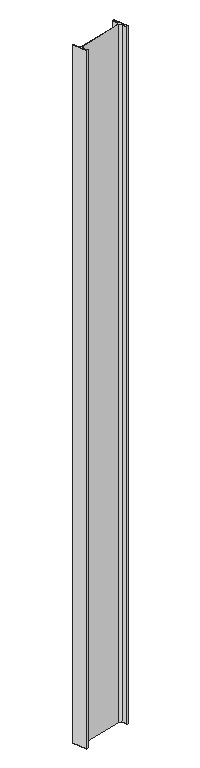
Revit family
Parameters (values of type "M200X9.7")
  Column Material [instance] = Metal - Steel - 345 MPa
  Assembly Code = ""
  A = 0.00124 m²
  W = 0.095
  bf = 57.9 mm
  d = 203 mm
  k = 14 mm
  kr = k - tf  # 9 mm
  tf = 5 mm
  tw = 3.4 mm
Types (2, lengths in mm): name | A | W | bf | d | tw
  M310X16.1 | 0.00205 m² | 0.158 | 77.9 | 304 | 4.1
  M200X9.7 | 0.00124 m² | 0.095 | 57.9 | 203 | 3.4
Reference planes
  plane 1: y = 0
  plane 2: z = 0
  plane 3: x = 0
  plane 4: x = -28.95
  plane 5: x = 28.95
  plane 6: y = 101.5
  plane 7: y = -101.5
  plane 8: x = -3.969
  plane 9: x = 3.969
Forms (mm)
  Extrusion 1, solid, material "Metal - Steel - 345 MPa" <- "Column Material", detail levels medium
    sketch origin (0, 0, 0) x (1, 0, 0) y (0, 1, 0)
      loop
        line (-28.95, 101.5) -> (-28.95, 96.5) -> (-1.7, 96.5) -> (-1.7, -96.5) -> (-28.95, -96.5) -> (-28.95, -101.5) -> (28.95, -101.5) -> (28.95, -96.5) -> (1.7, -96.5) -> (1.7, 96.5) -> (28.95, 96.5) -> (28.95, 101.5) -> (-28.95, 101.5)
    from 0 to 2500
  Extrusion 2, solid, material "Metal - Steel - 345 MPa" <- "Column Material", detail levels fine
    sketch origin (0, 0, 0) x (1, 0, 0) y (0, 1, 0)
      loop
        line (-28.95, 101.5) -> (-28.95, 96.5) -> (-10.7, 96.5)
        arc (-10.7, 96.5) -> (-4.336, 93.864) -> (-1.7, 87.5) r 9
        line (-1.7, 87.5) -> (-1.7, -87.5)
        arc (-1.7, -87.5) -> (-4.336, -93.864) -> (-10.7, -96.5) r 9
        line (-10.7, -96.5) -> (-28.95, -96.5) -> (-28.95, -101.5) -> (28.95, -101.5) -> (28.95, -96.5) -> (10.7, -96.5)
        arc (10.7, -96.5) -> (4.336, -93.864) -> (1.7, -87.5) r 9
        line (1.7, -87.5) -> (1.7, 87.5)
        arc (1.7, 87.5) -> (4.336, 93.864) -> (10.7, 96.5) r 9
        line (10.7, 96.5) -> (28.95, 96.5) -> (28.95, 101.5) -> (-28.95, 101.5)
    from 0 to 2500
Lines and regions (mm)
  symbolic lines, style "StructuralColumnStickSymbols", detail levels coarse
    curve 1: line (-28.95, 101.5, 0) -> (28.95, 101.5, 0)
    curve 2: line (-28.95, -101.5, 0) -> (28.95, -101.5, 0)
    curve 3: line (0, 101.5, 0) -> (0, -101.5, 0)
  symbolic lines, style "Hidden Faces", detail levels medium+fine
    curve 4: line (-3.969, 0, 0) -> (-3.969, 0, 2500)
    curve 5: line (3.969, 0, 2500) -> (3.969, 0, 0)
Dimensions and locks
  equal spacing: plane 4, plane 3, plane 5
  equal spacing: plane 7, plane 1, plane 6
  "d": plane 7 to plane 6
  "bf": plane 4 to plane 5
  "tf": plane 7 to Extrusion 1 sketch curve
  "tf": Extrusion 1 sketch curve to plane 6
  equal spacing: Extrusion 1 sketch curve, plane 3, Extrusion 1 sketch curve
  "tw": Extrusion 1 sketch curve to Extrusion 1 sketch curve
  "kr": radius of Extrusion 2 sketch curve  (x4)
  aligned and locked: plane 6 to Extrusion 1 sketch curve
  aligned and locked: Extrusion 1 sketch curve to plane 7
  aligned and locked: Extrusion 1 sketch curve to plane 4  (x2)
  aligned and locked: plane 5 to Extrusion 1 sketch curve  (x2)
  aligned and locked: Extrusion 1 sketch curve to Extrusion 1 sketch curve  (x2)
  aligned and locked: level to Extrusion 1
  aligned and locked: level to plane 2
  aligned and locked: Extrusion 1 to plane 2
  aligned and locked: plane 6 to Extrusion 2 sketch curve
  aligned and locked: plane 5 to Extrusion 2 sketch curve  (x2)
  aligned and locked: Extrusion 2 sketch curve to plane 4  (x2)
  aligned and locked: Extrusion 2 sketch curve to Extrusion 1  (x6)
  aligned and locked: Extrusion 2 sketch curve to plane 7
  aligned and locked: level to Extrusion 2
  aligned and locked: Extrusion 2 to level
Automatic sketch dimensions
  curve 2 to plane 4 = 0 mm
  curve 1 to plane 4 = 0 mm
  curve 3 to plane 3 = 0 mm
  curve 2 to plane 5 = 0 mm
  curve 1 to plane 5 = 0 mm
  curve 3 to plane 7 = 0 mm
  curve 3 to plane 6 = 0 mm
  curve 4 to level = 0 mm  (x2)
  curve 4 to plane 8 = 0 mm
  curve 5 to level = 0 mm  (x2)
  curve 5 to plane 9 = 0 mm
